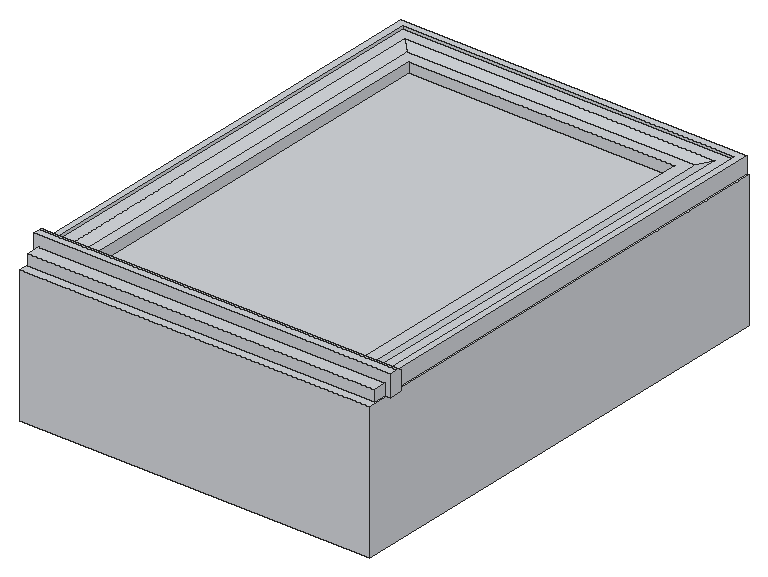
Revit family "M_Moldura-janela-interior-plana-apoio-colonial-2", category Modelos genéricos, Revit 2019
Family settings
  Hospedeiro = Face
  Pode hospedar o vergalhão = Não
  Cota do conector redondo = Utilizar diâmetro
  Tipo de parte = Normal
  Corte com vazios quando carregada = Não
  Compartilhado = Sim
  Ponto de cálculo do ambiente = Não
Parameters (values of type "com escudo")
  Largura da apara = 90 mm
  Espessura da apara = 30 mm
  Material da apara [instance] = none
  Espessura do peitoril = 30 mm
  Largura da abertura [instance] = 600 mm
  Altura da abertura [instance] = 900 mm
  Elevação-padrão = 1200 mm
  Largura do apoio = 15 mm
  Espessura do apoio = 6 mm
  Visibilidade do escudo = yes
  Espessura do escudo = 30 mm
Types (2, lengths in mm): name | Visibilidade do escudo
  com escudo | yes
  sem escudo | no
Reference planes
  plane 1 "Centro (Frente/Trás)": y = 0
  plane 2: z = 0
  plane 3 "Centro (Esquerda/Direita)": x = 0
  plane 4: y = 90
  plane 5 "Esquerda": x = -300
  plane 6 "Direita": x = 300
  plane 7 "Inferior": y = -900
  plane 8: x = 390
  plane 9: x = -390
  plane 10: z = 30
  plane 11: x = 402.7
  plane 12: x = -402.7
  plane 13: y = -930
  plane 14: y = -450
  plane 15: x = -375
  plane 16: x = 375
  plane 17: z = 36
  plane 18: y = -960
  plane 19: z = 25.4
  plane 20: z = 24
  plane 21: z = 12
  plane 22: x = -325
  plane 23: x = -350
  plane 24: z = 18
  plane 25: z = 49.05
  plane 26: z = 36.35
  plane 27: y = -912.7
Forms (mm)
  Extrusion 1, solid
    sketch origin (0, 0, 0) x (1, 0, 0) y (0, 1, 0)
      loop
        line (-393.7, 88.9) -> (-393.7, -977.9) -> (393.7, -977.9) -> (393.7, 88.9) -> (-393.7, 88.9)
    from 0 to -304.8
  Extrusion 2, solid, material <- "Material da apara"
    sketch origin (0, 0, 0) x (0, 1, 0) y (0, 0, 1)
      loop
        line (-900, 0) -> (-900, 36.35)
        arc (-900, 36.35) -> (-903.72, 45.33) -> (-912.7, 49.05) r 12.7
        line (-912.7, 49.05) -> (-930, 49.05) -> (-930, 0) -> (-900, 0)
    from -402.7 to 402.7
  Sweep 3, solid, material <- "Material da apara"
    path origin (0, 0, 0) x (1, 0, 0) y (0, 1, 0)
      loop
        line (300, -900) -> (300, 0) -> (-300, 0) -> (-300, -900)
    profile origin (-300, -450, 0) x (1, 0, 0) y (0, 0, 1)
      loop
        line (0, 0) -> (0, 24) -> (-25, 24) -> (-50, 30) -> (-75, 30) -> (-75, 36) -> (-90, 36) -> (-90, 0) -> (0, 0)
  Extrusion 4, solid, material <- "Material da apara", visible <- "Visibilidade do escudo"
    sketch origin (-300, 0, 0) x (0, 1, 0) y (0, 0, 1)
      loop
        line (-930, 25.4) -> (-960, 25.4) -> (-960, 0) -> (-930, 0) -> (-930, 25.4)
    from -90 to 690
Dimensions and locks
  equal spacing: plane 5 "Esquerda", plane 3 "Centro (Esquerda/Direita)", plane 6 "Direita"
  "Largura da abertura": plane 5 "Esquerda" to plane 6 "Direita"
  "Altura da abertura": plane 7 "Inferior" to plane 1 "Centro (Frente/Trás)"
  "Largura da apara": plane 9 to plane 5 "Esquerda"
  "Largura da apara": plane 6 "Direita" to plane 8
  "Largura da apara": plane 1 "Centro (Frente/Trás)" to plane 4
  locked: plane 12 to plane 9 at 12.7
  locked: plane 8 to plane 11 at 12.7
  equal spacing: plane 7 "Inferior", plane 14, plane 1 "Centro (Frente/Trás)"
  "Espessura da apara": plane 10 to plane 2
  "Espessura do peitoril": plane 7 "Inferior" to plane 13
  "Largura do apoio": plane 16 to plane 8
  "Largura do apoio": plane 9 to plane 15
  "Espessura do apoio": plane 10 to plane 17
  "Espessura do escudo": plane 18 to plane 13
  locked: plane 19 to plane 2 at 25.4
  equal spacing: plane 2, plane 21, plane 20, plane 17
  equal spacing: plane 5 "Esquerda", plane 22, plane 23, plane 15
  equal spacing: plane 21, plane 24, plane 20
  locked: plane 7 "Inferior" to plane 27 at 12.7
  locked: plane 25 to plane 26 at 12.7
  locked: plane 25 to plane 10 at 19.05
  radius of Extrusion 2 sketch curve = 12.7 mm
  locked: Extrusion 2 sketch curve to Extrusion 2 sketch curve (angle 90.00°)
  aligned and locked: plane 2 to Extrusion 1
  aligned and locked: level to Extrusion 1
  aligned and locked: Extrusion 2 sketch curve to level
  aligned and locked: plane 7 "Inferior" to Extrusion 2 sketch curve
  aligned and locked: plane 12 to Extrusion 2
  aligned and locked: Extrusion 2 to plane 11
  aligned and locked: Sweep 3 sketch curve to plane 5 "Esquerda"
  aligned and locked: Sweep 3 sketch curve to plane 1 "Centro (Frente/Trás)"
  aligned and locked: Sweep 3 sketch curve to plane 6 "Direita"
  aligned and locked: plane 7 "Inferior" to Sweep 3 sketch curve  (x2)
  aligned and locked: Sweep 3 sketch curve to plane 2
  aligned and locked: plane 9 to Sweep 3 sketch curve
  aligned and locked: plane 5 "Esquerda" to Sweep 3 sketch curve  (x2)
  aligned and locked: Sweep 3 sketch curve to plane 9
  aligned and locked: plane 2 to Sweep 3 sketch curve
  aligned and locked: plane 2 to Extrusion 4 sketch curve
  aligned and locked: plane 13 to Extrusion 4 sketch curve
  aligned and locked: plane 19 to Extrusion 4 sketch curve
  aligned and locked: plane 18 to Extrusion 4 sketch curve
  aligned and locked: plane 9 to Extrusion 4
  aligned and locked: Extrusion 4 to plane 8
  aligned and locked: plane 10 to Sweep 3 sketch curve  (x2)
  aligned and locked: plane 23 to Sweep 3 sketch curve
  aligned and locked: plane 20 to Sweep 3 sketch curve
  aligned and locked: plane 22 to Sweep 3 sketch curve
  aligned and locked: Sweep 3 sketch curve to plane 20
  aligned and locked: plane 15 to Sweep 3 sketch curve
  aligned and locked: plane 17 to Sweep 3 sketch curve
  aligned and locked: Sweep 3 sketch curve to plane 15
  aligned and locked: plane 26 to Extrusion 2 sketch curve  (x2)
  aligned and locked: plane 25 to Extrusion 2 sketch curve
  aligned and locked: plane 27 to Extrusion 2 sketch curve
  aligned and locked: plane 13 to Extrusion 2 sketch curve
Automatic sketch dimensions
  Extrusion 1 sketch curve to Extrusion 1 sketch curve = 787.4 mm
  Extrusion 1 sketch curve to Extrusion 1 sketch curve = 1066.8 mm
